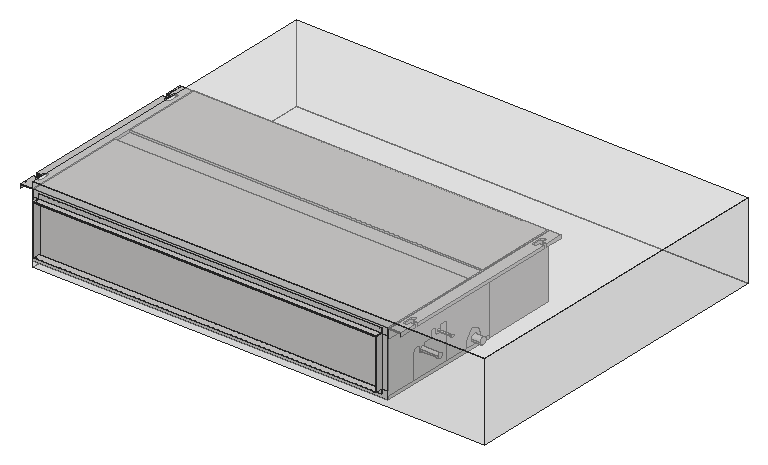
Revit family "outputfile", category 機械設備, Revit 2024
Family settings
  丸型コネクタ寸法 = 半径を使用
  パーツ タイプ = 標準
  OmniClass 番号 = 23.75.10.24.21.27.27
  OmniClass タイトル = Split System Air Conditioning Units
  作業面ベース = いいえ
  常に垂直 = はい
  ロード時にボイドで切り取り = いいえ
  注釈の向きを維持 = いいえ
  共有 = いいえ
  部屋計算ポイント = はい
Parameters (values of type "CDKS60CVMA")
  Description = ""
  書き出し IFC クラス(タイプ) = "IfcUnitaryEquipmentType"
  定義済み IFC タイプ(タイプ) = "AIRCONDITIONINGUNIT"
  Cost = 0
  Type Comments = ""
  Keynote = ""
  Type Image = (empty or 0)
  Assembly Code = ""
  switch_frequency = yes
  ld_powersupply = Depth / 2  # 310.0 mm
  製造元 = "Daikin"
  モデル = "CDKS60CVMA"
  r_Liquid Pipe Size = Liquid Pipe Size / 2  # 3.2 mm
  r_Gas Pipe Size = Gas Pipe Size / 2  # 6.35 mm
  r_Drain Pipe Size = Drain Pipe Size / 2  # 10.0 mm
  lw_powersupply = 50.0 mm  # constant formula
  lw_ductflange2 = 1020.0 mm
  lw_Width = 1060.0 mm
  lh_suctionflange [instance] = 100.0 mm  # constant formula
  ld_suctionflange [instance] = if(Rear Connection_Return Air, 190.0 mm, 100.0 mm)  # 190.0 mm
  connector_voltage = Voltage_50Hz  # 230 V
  connector_powerinput = [Power Input (Cooling)]  # 0.000 kW
  connector_phase = Phase_50Hz  # 1
  angle_vertical_RA [instance] = if(Rear Connection_Return Air, 90.00°, 0.00°)  # 90.00°
  angle horizontal_RA [instance] = if(Rear Connection_Return Air, 180.00°, 270.00°)  # 180.00°
  Voltage_comment_50Hz = "220 - 240"
  Voltage_50Hz = 230 V
  URL = ""
  Supply Air Direction [instance] = yes
  Sound Power Level_H speed (dB) = 0
  Rear Connection_Return Air [instance] = not(Bottom Connection_Return Air)  # yes
  RA_length [instance] = if(Rear Connection_Return Air, 190.0 mm, 100.0 mm)  # 190.0 mm
  Phase_50Hz = 1
  Minimum External Static Pressure = 0.00 Pa
  Minimum Circuit Amps_50Hz = 0.0 A
  Maximum Fuse Amps_50Hz = 0.0 A
  Maximum External Static Pressure = 40.00 Pa
  Material_Casing = DAIKIN_GalvanizedSteel_Casing_indoorunit
  lw_liquidpipe = 46.0 mm  # constant formula
  lw_gaspipe = 57.0 mm  # constant formula
  lw_mountinghole = 1140.0 mm
  lw_drainpipe = 30.0 mm  # constant formula
  lh_powersupply = 150.0 mm  # constant formula
  lh_liquidpipe = 90.0 mm  # constant formula
  lh_gaspipe = 113.0 mm  # constant formula
  lh_mountinghole = Height  # 200.0 mm
  lh_drainpipe = 170.0 mm  # constant formula
  lh_antena = 1.0 mm  # constant formula
  ld_liquidpipe = 193.0 mm  # constant formula
  ld_gaspipe = 130.0 mm  # constant formula
  ld_mountinghole = 500.0 mm  # constant formula
  ld_drainpipe = 330.0 mm  # constant formula
  ld_controlbox = 626.0 mm  # constant formula
  h*** = 0.0 mm  # constant formula
  d_dischargeflange = 21.2 mm  # constant formula
  Width = 1100.0 mm
  Version = "ver.1.0"
  Unit Type = "Duct (L.S.P)"
  Unit Mass Weight = 30.00 kg
  Unit Designation [instance] = ""
  Uniclass2015Version = "Products v1.30"
  Uniclass2015Title = "Split coil room air conditioning units"
  Uniclass2015Code = "Pr_70_65_03_86"
  Total Cooling Capacity [instance] = 0.000 kW
  Sound Pressure Level_M speed (dBA) = 36
  Sound Pressure Level_L speed (dBA) = 34
  Sound Pressure Level_H speed (dBA) = 38
  Series = "Multi Split_Fan Coil Unit"
  Sensible Cooling Capacity [instance] = 0.000 kW
  SA Duct Size Width = 1060.0 mm
  SA Duct Size Height = 153.0 mm
  Refrigerant Type = "R410A"
  RA Duct Size Width = 980.0 mm
  RA Duct Size Height = 160.0 mm
  Power Input (Cooling) = 0.000 kW
  Option Accessory 3 [instance] = ""
  Option Accessory 2 [instance] = ""
  Option Accessory 1 [instance] = ""
  Nominal Cooling Capacity = 6.000 kW
  Minimum Airflow = 810.00 m³/h
  Median Airflow = 888.00 m³/h
  Maximum Airflow = 960.00 m³/h
  Load Classification = HVAC
  Liquid Pipe Size = 6.4 mm
  Link_Nested Family [instance] = ""
  IfcVersion = ""
  IfcExportType = "AIRCONDITIONINGUNIT"
  IfcExportAs = "IfcUnitaryEquipmentType"
  Height = 200.0 mm
  Heat Exchanger Type = "Cross Fin Coil"
  Gas Pipe Size = 12.7 mm
  Frequency_50Hz = 50 Hz
  Fan Type = "Sirocco Fan"
  Fan Drive = "Direct Drive"
  FCU Tag No. [instance] = ""
  Drain Pipe Size = 20.0 mm
  Design Supply Airflow [instance] = 0.00 m³/h
  Design Return Airflow [instance] = 0.00 m³/h
  Design External Static Pressure [instance] = 0.00 Pa
  Depth = 620.0 mm
  既定の高さ = 0.0 mm
  Cooling Entering Wet Bulb Temperature [instance] = 0.00 °C
  Cooling Entering Dry Bulb Temperature [instance] = 0.00 °C
  Cooling Ambient Wet Bulb Temperature [instance] = 0.00 °C
  Cooling Ambient Dry Bulb Temperature [instance] = 0.00 °C
  Clearance visibility [instance] = yes
  Clearance Top = 20.0 mm
  Clearance Right = 300.0 mm
  Clearance Rear = 400.0 mm
  Clearance Left = 0.0 mm
  Clearance Front = 0.0 mm
  Clearance Bottom = 20.0 mm
  Bottom Connection_Return Air [instance] = no
Reference planes
  plane 1 "Center (Front/Back)": y = 0
  plane 2: z = 0
  plane 3 "Center (Left/Right)": x = 0
  plane 4 "Back": y = 310
  plane 5 "Front": y = -310
  plane 6 "Left": x = -550
  plane 7 "Right": x = 550
  plane 8 "Top": z = 0
  plane 9 "Bottom": z = -200
  plane 10: x = -570
  plane 11: x = 570
  plane 12: y = 250
  plane 13: z = 0
  plane 14 "Clearance Left": x = -550
  plane 15 "Clearance Right": x = 850
  plane 16 "Clearance Rear": y = 710
  plane 17 "Clearance Front": y = -310
  plane 18 "Clearance Top": z = 20
  plane 19 "Clearance Bottom": z = -220
  plane 20: y = -250
  plane 21: z = -21
  plane 22: z = -97.5
  plane 23: x = -40
  plane 24: y = 120
  plane 25: z = -100
  plane 26: y = -180
  plane 27: z = -113
  plane 28: y = -117
  plane 29: z = -90
  plane 30: y = 20
  plane 31: z = -170
  plane 32: x = 607
  plane 33: x = 596
  plane 34: x = 580
  plane 35: x = 500
  plane 36: z = -150
Forms (mm)
  Extrusion 1, solid, material "DAIKIN_GalvanizedSteel_Casing_indoorunit" <- "Material_Casing"
    sketch origin (0, 0, 0) x (1, 0, 0) y (0, 1, 0)
      loop
        line (-550, -310) -> (550, -310) -> (550, 310) -> (-550, 310) -> (-550, -310)
    from -200 to 0
  Extrusion 2, void
    sketch origin (0, 0, 1) x (1, 0, 0) y (0, 1, 0)
      loop
        line (-550, 61.5) -> (-550, 3.5) -> (550, 3.5) -> (550, 61.5) -> (-550, 61.5)
    from -1 to -7
  Extrusion 3, solid, material "DAIKIN_GalvanizedSteel_Casing_indoorunit" <- "Material_Casing", visible <- "Bottom Connection_Return Air"
    sketch origin (0, 0, 0) x (1, 0, 0) y (0, 0, 1)
      loop
        line (469, -200) -> (469, -1) -> (-549, -1) -> (-549, -200) -> (469, -200)
    from -310 to -309
  Extrusion 4, solid, material "DAIKIN_GalvanizedSteel_Casing_indoorunit" <- "Material_Casing", visible <- "Rear Connection_Return Air"
    sketch origin (0, 0, 0) x (1, 0, 0) y (0, 1, 0)
      loop
        line (-549, 310) -> (-549, 111) -> (469, 111) -> (469, 310) -> (-549, 310)
    from -200 to -199
  Extrusion 5, solid, material "DAIKIN_GalvanizedSteel_Casing_indoorunit" <- "Material_Casing"
    sketch origin (550, 0, 0) x (0, 1, 0) y (0, 0, 1)
      loop
        circle (-180, -113) r 6.35
    from 0 to 57
  Extrusion 6, solid, material "DAIKIN_GalvanizedSteel_Casing_indoorunit" <- "Material_Casing"
    sketch origin (550, 0, 0) x (0, 1, 0) y (0, 0, 1)
      loop
        circle (-117, -90) r 3.2
    from 0 to 46
  Extrusion 7, solid, material "DAIKIN_GalvanizedSteel_Casing_indoorunit" <- "Material_Casing"
    sketch origin (550, 0, 0) x (0, 1, 0) y (0, 0, 1)
      loop
        circle (20, -170) r 10
    from 0 to 30
  Extrusion 8, solid, material "DAIKIN_GalvanizedSteel_Casing_indoorunit" <- "Material_Casing"
    sketch origin (550, 0, 0) x (0, 1, 0) y (0, 0, 1)
      loop
        line (-310, -200) -> (78.6, -200) -> (78.6, -193)
        arc (78.6, -193) -> (77.721, -190.879) -> (75.6, -190) r 3
        line (75.6, -190) -> (-310, -190) -> (-310, -200)
    from 0 to -1
  Extrusion 9, solid, material "DAIKIN_GalvanizedSteel_Casing_indoorunit" <- "Material_Casing"
    sketch origin (550, 0, 0) x (0, 1, 0) y (0, 0, 1)
      loop
        line (-210, -190) -> (-85.6, -190) -> (-85.6, -83)
        arc (-85.6, -83) -> (-86.479, -80.879) -> (-88.6, -80) r 3
        line (-88.6, -80) -> (-102, -80)
        arc (-102, -80) -> (-104.121, -80.879) -> (-105, -83) r 3
        line (-105, -83) -> (-105, -90)
        arc (-105, -90) -> (-117, -102) -> (-129, -90) r 12
        line (-129, -90) -> (-129, -83)
        arc (-129, -83) -> (-129.879, -80.879) -> (-132, -80) r 3
        line (-132, -80) -> (-136.1, -80)
        arc (-136.1, -80) -> (-138.221, -80.879) -> (-139.1, -83) r 3
        line (-139.1, -83) -> (-139.1, -102.7) -> (-165, -102.7)
        arc (-165, -102.7) -> (-167.121, -103.579) -> (-168, -105.7) r 3
        line (-168, -105.7) -> (-168, -113)
        arc (-168, -113) -> (-180, -125) -> (-192, -113) r 12
        line (-192, -113) -> (-192, -105.7)
        arc (-192, -105.7) -> (-192.879, -103.579) -> (-195, -102.7) r 3
        line (-195, -102.7) -> (-207, -102.7)
        arc (-207, -102.7) -> (-209.121, -103.579) -> (-210, -105.7) r 3
        line (-210, -105.7) -> (-210, -190)
    from 0 to -1
  Extrusion 10, solid, material "DAIKIN_GalvanizedSteel_Casing_indoorunit" <- "Material_Casing"
    sketch origin (550, 0, 0) x (0, 1, 0) y (0, 0, 1)
      loop
        arc (44.5, -170) -> (20, -145.5) -> (-4.5, -170) r 24.5
        line (-4.5, -170) -> (-4.5, -190) -> (44.5, -190) -> (44.5, -170)
    from 0 to -1
  Extrusion 11, solid, material "DAIKIN_GalvanizedSteel_Casing_indoorunit" <- "Material_Casing"
    sketch origin (550, 0, 0) x (0, 1, 0) y (0, 0, 1)
      loop
        arc (86.6, -22) -> (84.479, -22.879) -> (83.6, -25) r 3
        line (83.6, -25) -> (83.6, -194.5)
        arc (83.6, -194.5) -> (84.479, -196.621) -> (86.6, -197.5) r 3
        line (86.6, -197.5) -> (307, -197.5)
        arc (307, -197.5) -> (309.121, -196.621) -> (310, -194.5) r 3
        line (310, -194.5) -> (310, -25)
        arc (310, -25) -> (309.121, -22.879) -> (307, -22) r 3
        line (307, -22) -> (86.6, -22)
    from 0 to -1
Cuts and joins
  Extrusion 2 cuts Extrusion 1
Dimensions and locks
  "Height": plane 8 "Top" to plane 9 "Bottom"
  equal spacing: plane 10, plane 3 "Center (Left/Right)", plane 11
  "lw_mountinghole": plane 10 to plane 11
  equal spacing: plane 6 "Left", plane 3 "Center (Left/Right)", plane 7 "Right"
  "Width": plane 6 "Left" to plane 7 "Right"
  "Clearance Right": plane 7 "Right" to plane 15 "Clearance Right"
  "Clearance Left": plane 14 "Clearance Left" to plane 6 "Left"
  "Clearance Rear": plane 16 "Clearance Rear" to plane 4 "Back"
  "Clearance Front": plane 5 "Front" to plane 17 "Clearance Front"
  "Clearance Top": plane 18 "Clearance Top" to plane 8 "Top"
  "Clearance Bottom": plane 9 "Bottom" to plane 19 "Clearance Bottom"
  "Depth": plane 4 "Back" to plane 5 "Front"
  equal spacing: plane 4 "Back", plane 1 "Center (Front/Back)", plane 5 "Front"
  Extrusion 3 sketch curve to Extrusion 3 sketch curve = 199.0 mm
  locked: plane 20 to plane 5 "Front" at 60
  "ld_mountinghole": plane 12 to plane 20
  locked: plane 8 "Top" to plane 21 at 21
  locked: plane 23 to plane 3 "Center (Left/Right)" at 40
  "ld_suctionflange": plane 4 "Back" to plane 24
  "lh_suctionflange": plane 8 "Top" to plane 25
  "ld_gaspipe": plane 26 to plane 5 "Front"
  "lh_gaspipe": plane 8 "Top" to plane 27
  "ld_liquidpipe": plane 28 to plane 5 "Front"
  "lh_liquidpipe": plane 8 "Top" to plane 29
  "ld_drainpipe": plane 30 to plane 5 "Front"
  "lh_drainpipe": plane 8 "Top" to plane 31
  "lw_gaspipe": plane 7 "Right" to plane 32
  "lw_liquidpipe": plane 7 "Right" to plane 33
  "lw_drainpipe": plane 7 "Right" to plane 34
  "lw_powersupply": plane 35 to plane 7 "Right"
  "lh_powersupply": plane 8 "Top" to plane 36
  "r_Gas Pipe Size": radius of Extrusion 5 sketch curve
  "r_Liquid Pipe Size": radius of Extrusion 6 sketch curve
  "r_Drain Pipe Size": radius of Extrusion 7 sketch curve
  aligned and locked: level to plane 2
  aligned and locked: Extrusion 1 to plane 9 "Bottom"
  aligned and locked: plane 8 "Top" to Extrusion 1
  aligned and locked: plane 11 to nested 2
  aligned and locked: plane 10 to nested 3
  aligned and locked: plane 10 to nested 4
  aligned and locked: plane 8 "Top" to Extrusion 2
  aligned and locked: plane 9 "Bottom" to Extrusion 4  (x2)
  aligned and locked: plane 7 "Right" to cut or joined group of Extrusion 1, Extrusion 2  (x2)
  aligned and locked: plane 3 "Center (Left/Right)" to nested 9
  aligned and locked: plane 6 "Left" to nested 7
  aligned and locked: plane 8 "Top" to nested 9
  aligned and locked: plane 11 to nested 1
  aligned and locked: nested 6 to plane 1 "Center (Front/Back)"
  aligned and locked: plane 3 "Center (Left/Right)" to nested 6
  aligned and locked: level to plane 8 "Top"
  aligned and locked: plane 1 "Center (Front/Back)" to nested 9
  aligned and locked: plane 5 "Front" to nested 10
  aligned and locked: Extrusion 1 sketch curve to plane 5 "Front"
  aligned and locked: plane 21 to nested 10
  aligned and locked: nested 5 to plane 5 "Front"
  aligned and locked: plane 3 "Center (Left/Right)" to nested 5
  aligned and locked: plane 22 to nested 5
  aligned and locked: Extrusion 2 sketch curve to plane 6 "Left"
  aligned and locked: plane 7 "Right" to Extrusion 2 sketch curve
  aligned and locked: nested 11 to plane 23
  aligned and locked: nested 11 to plane 24
  aligned and locked: plane 27 to Extrusion 5 sketch curve
  aligned and locked: plane 26 to Extrusion 5 sketch curve
  aligned and locked: plane 28 to Extrusion 6 sketch curve
  aligned and locked: plane 29 to Extrusion 6 sketch curve
  aligned and locked: plane 31 to Extrusion 7 sketch curve
  aligned and locked: plane 30 to Extrusion 7 sketch curve
  aligned and locked: plane 26 to nested 12
  aligned and locked: nested 12 to plane 27
  aligned and locked: plane 32 to Extrusion 5
  aligned and locked: plane 32 to nested 12
  aligned and locked: plane 33 to Extrusion 6
  aligned and locked: plane 28 to nested 13
  aligned and locked: nested 13 to plane 29
  aligned and locked: plane 33 to nested 13
  aligned and locked: plane 34 to Extrusion 7
  aligned and locked: plane 30 to nested 14
  aligned and locked: nested 14 to plane 31
  aligned and locked: plane 34 to nested 14
  aligned and locked: Extrusion 8 sketch curve to plane 9 "Bottom"
  aligned and locked: Extrusion 8 sketch curve to plane 5 "Front"
  aligned and locked: plane 14 "Clearance Left" to nested 15
  aligned and locked: plane 15 "Clearance Right" to nested 15
  aligned and locked: plane 16 "Clearance Rear" to nested 15
  aligned and locked: nested 15 to plane 17 "Clearance Front"
  aligned and locked: nested 15 to plane 18 "Clearance Top"
  aligned and locked: nested 15 to plane 19 "Clearance Bottom"
  aligned and locked: nested 16 to plane 35
  aligned and locked: nested 16 to plane 36
  aligned and locked: plane 4 "Back" to nested 16
Automatic sketch dimensions
  Extrusion 1 sketch curve to plane 4 "Back" = 0.0 mm
  Extrusion 1 sketch curve to plane 6 "Left" = 0.0 mm
  Extrusion 1 sketch curve to plane 7 "Right" = 0.0 mm
  Extrusion 4 sketch curve to plane 4 "Back" = 0.0 mm
  plane 6 "Left" to Extrusion 3 sketch curve = 1.0 mm
  plane 6 "Left" to Extrusion 4 sketch curve = 1.0 mm
  Extrusion 4 sketch curve to plane 1 "Center (Front/Back)" = 111.0 mm
  Extrusion 3 sketch curve to plane 9 "Bottom" = 0.0 mm
  Extrusion 3 sketch curve to plane 7 "Right" = 81.0 mm
  Extrusion 4 sketch curve to plane 7 "Right" = 81.0 mm
  Extrusion 2 sketch curve to plane 1 "Center (Front/Back)" = 3.5 mm
  Extrusion 2 sketch curve to Extrusion 2 sketch curve = 58.0 mm
  plane 9 "Bottom" to Extrusion 8 sketch curve = 7.0 mm
  Extrusion 8 sketch curve to plane 24 = 44.4 mm
  Extrusion 8 sketch curve to Extrusion 8 sketch curve = 3.0 mm
  Extrusion 9 sketch curve to plane 27 = 0.0 mm
  Extrusion 9 sketch curve to plane 26 = 0.0 mm
  Extrusion 9 sketch curve to plane 29 = 0.0 mm
  Extrusion 9 sketch curve to plane 28 = 0.0 mm
  Extrusion 9 sketch curve to plane 26 = 12.0 mm
  Extrusion 9 sketch curve to plane 25 = 2.7 mm  (x2)
  Extrusion 9 sketch curve to Extrusion 9 sketch curve = 3.0 mm  (x6)
  Extrusion 9 sketch curve to Extrusion 9 sketch curve = 12.0 mm
  plane 9 "Bottom" to Extrusion 9 sketch curve = 10.0 mm
  Extrusion 9 sketch curve to plane 26 = 30.0 mm
  Extrusion 9 sketch curve to plane 28 = 22.1 mm
  Extrusion 9 sketch curve to Extrusion 9 sketch curve = 4.1 mm
  plane 29 to Extrusion 9 sketch curve = 7.0 mm  (x2)
  Extrusion 9 sketch curve to Extrusion 9 sketch curve = 13.4 mm
  Extrusion 10 sketch curve to plane 30 = 0.0 mm
  Extrusion 10 sketch curve to plane 31 = 0.0 mm
  plane 1 "Center (Front/Back)" to Extrusion 10 sketch curve = 4.5 mm
  plane 9 "Bottom" to Extrusion 10 sketch curve = 10.0 mm
  Extrusion 11 sketch curve to plane 4 "Back" = 0.0 mm
  Extrusion 11 sketch curve to Extrusion 11 sketch curve = 3.0 mm  (x3)
  Extrusion 11 sketch curve to plane 21 = 1.0 mm
  Extrusion 11 sketch curve to plane 21 = 4.0 mm
  Extrusion 11 sketch curve to plane 24 = 33.4 mm
  plane 9 "Bottom" to Extrusion 11 sketch curve = 5.5 mm
Nested families
  nested 1: "daikin_mountinghole" at (570, 250, -200), l_antenna <- "lh_antena", Link_Nested Family <- "Link_Nested Family", h_mountinghole <- "lh_mountinghole", type "daikin_mountinghole"
    with show yes, l_antenna 1.0 mm, h_mountinghole 200.0 mm, Link_Nested Family ""
  nested 2: "daikin_mountinghole" at (570, -250, -200), Link_Nested Family <- "Link_Nested Family", l_antenna <- "lh_antena", h_mountinghole <- "lh_mountinghole", type "daikin_mountinghole"
    with show yes, l_antenna 1.0 mm, h_mountinghole 200.0 mm, Link_Nested Family ""
  nested 3: "daikin_mountinghole" at (-570, -250, -200), l_antenna <- "lh_antena", Link_Nested Family <- "Link_Nested Family", h_mountinghole <- "lh_mountinghole", type "daikin_mountinghole"
    with show yes, l_antenna 1.0 mm, h_mountinghole 200.0 mm, Link_Nested Family ""
  nested 4: "daikin_mountinghole" at (-570, 250, -200), l_antenna <- "lh_antena", Link_Nested Family <- "Link_Nested Family", h_mountinghole <- "lh_mountinghole", type "daikin_mountinghole"
    with show yes, l_antenna 1.0 mm, h_mountinghole 200.0 mm, Link_Nested Family ""
  nested 5: "daikin_connector_rotate2" at (0, -310, -97.5), length <- "d_dischargeflange", type "daikin_connector_rotate2"
    with radius 10.0 mm, length 21.2 mm, angle_vertical 90.00°, show_face no
  nested 6: "daikin_△_symbolicline" at (-75, -129.904, 200) x (-0.5, 0.866, 0) z (0, 0, 1), built-in parameter 1001364 <- "Height", visible <- "Supply Air Direction", type "daikin_△_symbolicline"
    with length 300.0 mm
  nested 7: "daikin_ductflange_CDKS-CVMA1" at (-40, 310, -100), visible <- "Rear Connection_Return Air", material <- "Material_Casing", width <- "lw_ductflange2", type "daikin_ductflange_CDKS-CVMA1"
    with width 1020.0 mm, material DAIKIN_GalvanizedSteel_Casing_indoorunit, height 180.0 mm, depth 21.2 mm
  nested 8: "daikin_ductflange_CDKS-CVMA1" at (-40, 210, -200) x (1, 0, 0) z (0, 1, 0), visible <- "Bottom Connection_Return Air", material <- "Material_Casing", width <- "lw_ductflange2", type "daikin_ductflange_CDKS-CVMA1"
    with width 1020.0 mm, material DAIKIN_GalvanizedSteel_Casing_indoorunit, height 180.0 mm, depth 21.2 mm
  nested 9: "daikin_hangerfixture_CDKS-CVMA" at (0, 0, 0), type "daikin_hangerfixture_CDKS-CVMA"
    with width 1100.0 mm
  nested 10: "daikin_ductflange_CDKS-CVMA" at (0, 3.5, -364.201), width <- "lw_Width", material <- "Material_Casing", type "daikin_ductflange_CDKS-CVMA"
    with width 1060.0 mm, material DAIKIN_GalvanizedSteel_Casing_indoorunit, height 155.0 mm, depth 21.2 mm
  nested 11: "daikin_connector_rotate3" at (-40, 120, -100), length <- "RA_length", angle_vertical <- "angle_vertical_RA", angle_horizontal <- "angle horizontal_RA", type "daikin_connector_rotate3"
    with show no, radius 10.0 mm, length 190.0 mm, angle_vertical 90.00°, angle_horizontal 180.00°
  nested 12: "daikin_connector_rotate2" at (550, -180, -113) x (0, 1, 0) z (0, 0, 1), length <- "lw_gaspipe", radius <- "r_Gas Pipe Size", type "daikin_connector_rotate2"
    with radius 6.35 mm, length 57.0 mm, angle_vertical 90.00°, show_face no
  nested 13: "daikin_connector_rotate2" at (550, -117, -90) x (0, 1, 0) z (0, 0, 1), radius <- "r_Liquid Pipe Size", length <- "lw_liquidpipe", type "daikin_connector_rotate2"
    with radius 3.2 mm, length 46.0 mm, angle_vertical 90.00°, show_face no
  nested 14: "daikin_connector_rotate2" at (550, 20, -170) x (0, 1, 0) z (0, 0, 1), radius <- "r_Drain Pipe Size", length <- "lw_drainpipe", type "daikin_connector_rotate2"
    with radius 10.0 mm, length 30.0 mm, angle_vertical 90.00°, show_face no
  nested 15: "daikin_clearancespace" at (150, 200, -99.881), visible <- "Clearance visibility", Link_Nested Family <- "Link_Nested Family", show <- "Clearance visibility", type "daikin_clearancespace"
    with width 1400.0 mm, show yes, height 240.0 mm, depth 1020.0 mm, Link_Nested Family ""
  nested 16: "daikin_connector_rotate2" at (500, 0, -150) x (-1, 0, 0) z (0, 0, 1), length <- "ld_powersupply", type "daikin_connector_rotate2"
    with radius 10.0 mm, length 310.0 mm, angle_vertical 90.00°, show_face no
Connectors
  hvac at (0, -331.2, -97.5), driven by "SA Duct Size Height", driven by "SA Duct Size Width"
    settings: on nested 5, index 1, duct flow 0.00 m³/h, flow factor 0, pres drop 0.00 Pa, loss coef 0, conn angle 0.00°, conn width 1060.0 mm, conn height 153.0 mm, conn diameter 609.6 mm, duct sys type 1, conn prof type 1, flow config 0, flow direction 2, loss method 4, conn ref index -1, conn util no, is conn primary yes, conn desc "SA Duct"
  hvac at (-40, 310, -100), driven by "RA Duct Size Height", driven by "RA Duct Size Width"
    settings: on nested 11, index 2, duct flow 0.00 m³/h, flow factor 0, pres drop 0.00 Pa, loss coef 0, conn angle 0.00°, conn width 980.0 mm, conn height 160.0 mm, conn diameter 609.6 mm, duct sys type 2, conn prof type 1, flow config 0, flow direction 1, loss method 4, conn ref index -1, conn util no, is conn primary no, conn desc "RA Duct"
  piping at (607, -180, -113), diameter 12.7, driven by "r_Gas Pipe Size"
    settings: on nested 12, index 3, connector inside diameter 609.6 mm, connector length 0.0 mm, flow factor 0, pipe flow 0.00 m³/h, pressure drop 0.0 Pa, fitting loss kfactor 0, connector angle 0.00°, fixture units 0, engagement length 0.0 mm, angle of deflection 0.00°, flow configuration 1, flow direction 2, fitting loss method 0, system type 29, joint type 0, gender type 0, connector reference index -1, connector utility 0, adjustable connector no, is connector primary yes, connector description "Refrigerant Gas Piping"
  piping at (596, -117, -90), diameter 6.4, driven by "r_Liquid Pipe Size"
    settings: on nested 13, index 4, connector inside diameter 609.6 mm, connector length 0.0 mm, flow factor 0, pipe flow 0.00 m³/h, pressure drop 0.0 Pa, fitting loss kfactor 0, connector angle 0.00°, fixture units 0, engagement length 0.0 mm, angle of deflection 0.00°, flow configuration 1, flow direction 1, fitting loss method 0, system type 29, joint type 0, gender type 0, connector reference index -1, connector utility 0, adjustable connector no, is connector primary no, connector description "Refrigerant Liquid Piping"
  piping at (580, 20, -170), diameter 20, driven by "r_Drain Pipe Size"
    settings: on nested 14, index 5, connector inside diameter 609.6 mm, connector length 0.0 mm, flow factor 0, pipe flow 0.00 m³/h, pressure drop 0.0 Pa, fitting loss kfactor 0, connector angle 0.00°, fixture units 0, engagement length 0.0 mm, angle of deflection 0.00°, flow configuration 1, flow direction 2, fitting loss method 4, system type 16, joint type 0, gender type 0, connector reference index -1, connector utility 0, adjustable connector no, is connector primary no, connector description "Condensate Drain Piping"
  electrical at (500, 310, -150), driven by "Load Classification", driven by "connector_powerinput", driven by "connector_phase", driven by "connector_voltage"
    settings: on nested 16, index 6, voltage 230 V, apparent load 0 VA, apparent load phase1 0 VA, apparent load phase2 0 VA, apparent load phase3 0 VA, power factor 1, load classification "HVAC", number of poles 1, system type 30, power factor state 1, is connector primary yes, connector utility no, sub classification motor no, connector description "Power Supply"
Definition of nested family "daikin_ductflange_CDKS-CVMA1"
  Parameters (values of type "daikin_ductflange_CDKS-CVMA1")
    width [instance] = 620.0 mm
    material [instance] = none
    height [instance] = 180.0 mm
    depth [instance] = 21.2 mm
    Default Elevation = 0.0 mm
  Reference planes
    plane 1 "Center (Front/Back)": y = 0
    plane 2: z = 0
    plane 3 "Center (Left/Right)": x = 0
    plane 4: x = -310
    plane 5: x = 310
    plane 6: z = 90
    plane 7: z = -90
    plane 8: z = 100
    plane 9: z = -100
    plane 10: x = -309
    plane 11: x = 309
  Forms (mm)
    Extrusion 1, solid, material <- "material"
      sketch origin (0, 0, 0) x (1, 0, 0) y (0, 0, 1)
        loop
          line (-290, 80) -> (-290, -80) -> (290, -80) -> (290, 80) -> (-290, 80)
        loop
          line (-309, -99) -> (309, -99) -> (309, 99) -> (-309, 99) -> (-309, -99)
      from 0 to 1
  Dimensions and locks
    equal spacing: plane 5, plane 3 "Center (Left/Right)", plane 4, locked at 310 each
    "width": plane 5 to plane 4
    equal spacing: plane 6, level, plane 7, locked at 90 each
    "height": plane 6 to plane 7
    equal spacing: plane 8, level, plane 9, locked at 100 each
    locked: plane 8 to plane 9 at 200
    plane 10 to plane 4 = 1.0 mm
    locked: plane 5 to plane 11 at 1
    locked: Extrusion 1 sketch curve to Extrusion 1 sketch curve at 19  (x4)
    locked: plane 8 to Extrusion 1 sketch curve at 1
    locked: Extrusion 1 sketch curve to plane 9 at 1
    aligned and locked: level to plane 2
  Automatic sketch dimensions
    plane 4 to Extrusion 1 sketch curve = 1.0 mm
    Extrusion 1 sketch curve to plane 5 = 1.0 mm
Definition of nested family "daikin_hangerfixture_CDKS-CVMA"
  Parameters (values of type "daikin_hangerfixture_CDKS-EAVMA")
    width = 700.0 mm
    material = none
    height = 30.0 mm
    depth = 618.0 mm
    Default Elevation = 0.0 mm
  Reference planes
    plane 1 "Center (Front/Back)": y = 0
    plane 2: z = 0
    plane 3 "Center (Left/Right)": x = 0
    plane 4: x = 350
    plane 5: y = 309
    plane 6: y = -309
    plane 7: x = -350
    plane 8: z = -30
  Forms (mm)
    Extrusion 1, solid, material <- "material"
      sketch origin (0, 0, 0) x (1, 0, 0) y (0, 0, 1)
        loop
          line (350, 0) -> (350, -30) -> (352.3, -30) -> (352.3, -2.3) -> (387.7, -2.3) -> (387.7, -10) -> (390, -10) -> (390, 0) -> (350, 0)
      from -309 to 309
    Extrusion 2, void
      sketch origin (0, 0, 0) x (0, 1, 0) y (0, 0, 1)
        loop
          line (309, -30) -> (309, -17.979) -> (87.935, -17.979) -> (75.914, -30) -> (309, -30)
      from 0 to 450
    Extrusion 3, void
      sketch origin (0, 0, 0) x (1, 0, 0) y (0, 1, 0)
        loop
          line (390, -243.5) -> (377, -243.5) -> (377, -237)
          arc (377, -237) -> (370, -230) -> (363, -237) r 7
          line (363, -237) -> (363, -263)
          arc (363, -263) -> (370, -270) -> (377, -263) r 7
          line (377, -263) -> (377, -256.5) -> (390, -256.5) -> (390, -243.5)
        loop
          line (390, 243.5) -> (390, 256.5) -> (377, 256.5) -> (377, 263)
          arc (377, 263) -> (370, 270) -> (363, 263) r 7
          line (363, 263) -> (363, 237)
          arc (363, 237) -> (370, 230) -> (377, 237) r 7
          line (377, 237) -> (377, 243.5) -> (390, 243.5)
      from -254.96 to 618
    Extrusion 4, solid, material <- "material"
      sketch origin (0, 0, 0) x (-1, 0, 0) y (0, 0, -1)
        loop
          line (350, 0) -> (390, 0) -> (390, 10) -> (387.7, 10) -> (387.7, 2.3) -> (352.3, 2.3) -> (352.3, 30) -> (350, 30) -> (350, 0)
      from -309 to 309
    Extrusion 5, void
      sketch origin (0, 0, 0) x (-1, 0, 0) y (0, -1, 0)
        loop
          line (390, 243.5) -> (390, 256.5) -> (377, 256.5) -> (377, 263)
          arc (377, 263) -> (370, 270) -> (363, 263) r 7
          line (363, 263) -> (363, 237)
          arc (363, 237) -> (370, 230) -> (377, 237) r 7
          line (377, 237) -> (377, 243.5) -> (390, 243.5)
        loop
          line (390, -243.5) -> (377, -243.5) -> (377, -237)
          arc (377, -237) -> (370, -230) -> (363, -237) r 7
          line (363, -237) -> (363, -263)
          arc (363, -263) -> (370, -270) -> (377, -263) r 7
          line (377, -263) -> (377, -256.5) -> (390, -256.5) -> (390, -243.5)
      from -254.96 to 618
  Cuts and joins
    Extrusion 2, Extrusion 3, Extrusion 5 cuts Extrusion 1
    Extrusion 5 cuts Extrusion 4
  Dimensions and locks
    equal spacing: plane 5, plane 1 "Center (Front/Back)", plane 6
    "depth": plane 5 to plane 6
    plane 6 to plane 1 "Center (Front/Back)" to plane 5 = 309.0 mm, 309.0 mm
    equal spacing: plane 4, plane 3 "Center (Left/Right)", plane 7
    "width": plane 4 to plane 7
    "height": level to plane 8
    aligned and locked: level to plane 2
    aligned and locked: plane 5 to Extrusion 1
    aligned and locked: Extrusion 1 to plane 6
    aligned and locked: Extrusion 1 to plane 4
    aligned and locked: plane 5 to cut or joined group of Extrusion 1, Extrusion 2, Extrusion 3, Extrusion 5
    aligned and locked: cut or joined group of Extrusion 1, Extrusion 2, Extrusion 3, Extrusion 5 to plane 6
    aligned and locked: level to cut or joined group of Extrusion 1, Extrusion 2, Extrusion 3, Extrusion 5
    aligned and locked: cut or joined group of Extrusion 1, Extrusion 2, Extrusion 3, Extrusion 5 to plane 8
    aligned and locked: plane 5 to cut or joined group of Extrusion 4, Extrusion 5
    aligned and locked: cut or joined group of Extrusion 4, Extrusion 5 to plane 6
  Automatic sketch dimensions
    Extrusion 1 sketch curve to plane 4 = 0.0 mm
    Extrusion 1 sketch curve to plane 8 = 0.0 mm
    Extrusion 1 sketch curve to level = 0.0 mm
    plane 4 to Extrusion 1 sketch curve = 2.3 mm
    Extrusion 1 sketch curve to level = 2.3 mm
    Extrusion 1 sketch curve to Extrusion 1 sketch curve = 35.4 mm
    Extrusion 1 sketch curve to Extrusion 1 sketch curve = 2.3 mm
    Extrusion 1 sketch curve to Extrusion 1 sketch curve = 7.7 mm
    Extrusion 2 sketch curve to plane 8 = 0.0 mm
    Extrusion 2 sketch curve to plane 5 = 0.0 mm
    plane 8 to Extrusion 2 sketch curve = 12.021 mm
    Extrusion 2 sketch curve to plane 1 "Center (Front/Back)" = 87.935 mm
    Extrusion 2 sketch curve to Extrusion 2 sketch curve = 12.021 mm
    plane 4 to Extrusion 3 sketch curve = 13.0 mm  (x2)
    Extrusion 3 sketch curve to Extrusion 3 sketch curve = 7.0 mm  (x4)
    Extrusion 3 sketch curve to Extrusion 3 sketch curve = 13.0 mm  (x4)
    plane 6 to Extrusion 3 sketch curve = 46.0 mm
    Extrusion 3 sketch curve to Extrusion 3 sketch curve = 6.5 mm  (x4)
    Extrusion 3 sketch curve to plane 5 = 72.0 mm
    Extrusion 4 sketch curve to plane 7 = 0.0 mm
    Extrusion 4 sketch curve to plane 8 = 0.0 mm
    Extrusion 4 sketch curve to level = 0.0 mm
    Extrusion 4 sketch curve to plane 7 = 2.3 mm
    Extrusion 4 sketch curve to level = 2.3 mm
    Extrusion 4 sketch curve to Extrusion 4 sketch curve = 35.4 mm
    Extrusion 4 sketch curve to Extrusion 4 sketch curve = 2.3 mm
    Extrusion 4 sketch curve to Extrusion 4 sketch curve = 7.7 mm
    Extrusion 5 sketch curve to plane 7 = 13.0 mm  (x2)
    Extrusion 5 sketch curve to Extrusion 5 sketch curve = 7.0 mm  (x4)
    Extrusion 5 sketch curve to Extrusion 5 sketch curve = 13.0 mm  (x4)
    Extrusion 5 sketch curve to plane 5 = 46.0 mm
    Extrusion 5 sketch curve to Extrusion 5 sketch curve = 6.5 mm  (x4)
    plane 6 to Extrusion 5 sketch curve = 72.0 mm
Definition of nested family "daikin_ductflange_CDKS-CVMA"
  Parameters (values of type "daikin_ductflange_FXDQ-NDVET")
    width [instance] = 660.0 mm
    material [instance] = none
    height [instance] = 155.0 mm
    depth [instance] = 21.2 mm
    Default Elevation = 0.0 mm
  Reference planes
    plane 1 "Center (Front/Back)": y = 0
    plane 2: z = 189.201
    plane 3 "Center (Left/Right)": x = 0
    plane 4: y = -313.5
    plane 5: x = -330
    plane 6: x = 330
    plane 7: y = -334.7
    plane 8: z = 344.201
    plane 9: z = 266.701
    plane 10: z = 343.201
    plane 11: z = 190.201
  Forms (mm)
    Extrusion 1, solid, material <- "material"
      sketch origin (0, 0, 189.201) x (1, 0, 0) y (0, 1, 0)
        loop
          line (-330, -334.7) -> (-330, -313.5) -> (-350, -313.5) -> (-350, -314.5) -> (-331, -314.5) -> (-331, -334.7) -> (-330, -334.7)
        loop
          line (330, -334.7) -> (331, -334.7) -> (331, -314.5) -> (350, -314.5) -> (350, -313.5) -> (330, -313.5) -> (330, -334.7)
      from 1 to 154
    Extrusion 2, solid, material <- "material"
      sketch origin (0, 0, 0) x (0, 1, 0) y (0, 0, 1)
        loop
          line (-313.5, 343.201) -> (-313.5, 358.201) -> (-314.5, 358.201) -> (-314.5, 344.201) -> (-334.7, 344.201) -> (-334.7, 343.201) -> (-313.5, 343.201)
        loop
          line (-313.5, 190.201) -> (-334.7, 190.201) -> (-334.7, 189.201) -> (-314.5, 189.201) -> (-314.5, 175.201) -> (-313.5, 175.201) -> (-313.5, 190.201)
      from -330 to 330
  Dimensions and locks
    plane 4 to plane 1 "Center (Front/Back)" = 313.5 mm
    "depth": plane 7 to plane 4
    equal spacing: plane 8, plane 9, level
    "height": plane 8 to level
    equal spacing: plane 6, plane 3 "Center (Left/Right)", plane 5
    "width": plane 6 to plane 5
    locked: plane 8 to plane 10 at 1
    locked: plane 11 to level at 1
    locked: Extrusion 1 to Extrusion 2 sketch curve at 1
    locked: Extrusion 2 sketch curve to Extrusion 1 at 1
    plane 10 to plane 11 = 153.0 mm
    aligned and locked: level to plane 2
    aligned and locked: Extrusion 2 to plane 5
    aligned and locked: Extrusion 2 to plane 11
    aligned and locked: Extrusion 2 to plane 10
    aligned and locked: plane 6 to Extrusion 2
    aligned and locked: plane 5 to Extrusion 2  (x2)
    aligned and locked: plane 5 to Extrusion 1  (x2)
    aligned and locked: Extrusion 1 to plane 6
    aligned and locked: plane 6 to Extrusion 1
    aligned and locked: Extrusion 1 to plane 10
  Automatic sketch dimensions
    Extrusion 2 sketch curve to plane 7 = 0.0 mm  (x2)
    Extrusion 2 sketch curve to plane 4 = 0.0 mm  (x2)
    Extrusion 2 sketch curve to plane 11 = 0.0 mm
    Extrusion 2 sketch curve to plane 10 = 0.0 mm
    Extrusion 2 sketch curve to plane 4 = 1.0 mm  (x2)
    Extrusion 2 sketch curve to level = 14.0 mm
    plane 8 to Extrusion 2 sketch curve = 14.0 mm
    Extrusion 1 sketch curve to plane 4 = 0.0 mm  (x2)
    Extrusion 1 sketch curve to plane 7 = 0.0 mm  (x2)
    Extrusion 1 sketch curve to plane 5 = 0.0 mm
    Extrusion 1 sketch curve to plane 6 = 0.0 mm
    Extrusion 1 sketch curve to plane 5 = 1.0 mm
    Extrusion 1 sketch curve to Extrusion 1 sketch curve = 19.0 mm  (x2)
    Extrusion 1 sketch curve to Extrusion 1 sketch curve = 1.0 mm
    Extrusion 1 sketch curve to plane 4 = 1.0 mm  (x2)
Definition of nested family "daikin_clearancespace"
  Parameters (values of type "daikin_clearancespace")
    Description = "daikin_clearancespace"
    width [instance] = 1823.963 mm
    show [instance] = yes
    material = none
    height [instance] = 1359.762 mm
    depth [instance] = 880.0 mm
    Default Elevation = 0.0 mm
    Link_Nested Family [instance] = ""
  Reference planes
    plane 1 "Center (Front/Back)": y = 0
    plane 2 "Center (Elevation)": z = -0.119
    plane 3 "Center (Left/Right)": x = 0
    plane 4: y = 440
    plane 5: y = -440
    plane 6 "Right": x = 911.982
    plane 7 "Left": x = -911.982
    plane 8 "Top": z = 679.762
    plane 9 "Bottom": z = -680
  Forms (mm)
    Extrusion 1, solid, material <- "material", visible <- "show"
      sketch origin (0, 0, 0) x (1, 0, 0) y (0, 1, 0)
        loop
          line (-911.982, 440) -> (-911.982, -440) -> (911.982, -440) -> (911.982, 440) -> (-911.982, 440)
      from -680 to 679.762
  Lines and regions (mm)
    symbolic lines, visible <- "show"
      curve 1: line (911.982, 440, 0) -> (-911.982, 440, 0)
      curve 2: line (-911.982, 440, 0) -> (-911.982, -440, 0)
      curve 3: line (-911.982, -440, 0) -> (911.982, -440, 0)
      curve 4: line (911.982, -440, 0) -> (911.982, 440, 0)
      curve 5: line (911.982, 0, 679.762) -> (-911.982, 0, 679.762)
      curve 6: line (911.982, 0, -680) -> (911.982, 0, 679.762)
      curve 7: line (-911.982, 0, -680) -> (911.982, 0, -680)
      curve 8: line (-911.982, 0, 679.762) -> (-911.982, 0, -680)
      curve 9: line (0, 440, 679.762) -> (0, -440, 679.762)
      curve 10: line (0, -440, 679.762) -> (0, -440, -680)
      curve 11: line (0, 440, -680) -> (0, 440, 679.762)
      curve 12: line (0, -440, -680) -> (0, 440, -680)
  Dimensions and locks
    "width": plane 7 "Left" to plane 6 "Right"
    "depth": plane 4 to plane 5
    "height": plane 8 "Top" to plane 9 "Bottom"
    equal spacing: plane 7 "Left", plane 3 "Center (Left/Right)", plane 6 "Right"
    equal spacing: plane 4, plane 1 "Center (Front/Back)", plane 5
    equal spacing: plane 8 "Top", plane 2 "Center (Elevation)", plane 9 "Bottom"
    aligned and locked: level to plane 2 "Center (Elevation)"
    aligned and locked: Extrusion 1 sketch curve to plane 4
    aligned and locked: plane 7 "Left" to Extrusion 1 sketch curve
    aligned and locked: Extrusion 1 sketch curve to plane 5
    aligned and locked: Extrusion 1 sketch curve to plane 6 "Right"
    aligned and locked: plane 8 "Top" to Extrusion 1
    aligned and locked: curve 1 to Extrusion 1
    aligned and locked: curve 2 to Extrusion 1
    aligned and locked: curve 3 to Extrusion 1
    aligned and locked: curve 4 to Extrusion 1
    aligned and locked: curve 5 to Extrusion 1
    aligned and locked: curve 6 to Extrusion 1
    aligned and locked: curve 7 to Extrusion 1
    aligned and locked: curve 8 to Extrusion 1
    aligned and locked: curve 9 to Extrusion 1
    aligned and locked: curve 10 to Extrusion 1
    aligned and locked: curve 11 to Extrusion 1
    aligned and locked: curve 12 to Extrusion 1
    aligned and locked: Extrusion 1 to plane 9 "Bottom"
Definition of nested family "daikin_mountinghole"
  Parameters (values of type "daikin_mountinghole")
    Default Elevation = 1219.2 mm
    Type Comments = "mountinghole"
    show [instance] = yes
    material = none
    l_centerline = 100.0 mm
    l_antenna [instance] = 100.0 mm
    h_mountinghole [instance] = 0.0 mm
    d_circle = 30.0 mm
    Link_Nested Family [instance] = ""
  Reference planes
    plane 1 "Center (Front/Back)": y = 0
    plane 2: z = 0
    plane 3 "Center (Left/Right)": x = 0
    plane 4: y = 50
    plane 5: x = -50
    plane 6: x = 50
    plane 7: y = -50
    plane 8 "h_mountinghole": z = 0
    plane 9: z = 100
  Lines and regions (mm)
    model lines, detail levels fine
      curve 1: circle (0, 0, 0) r 15 normal (0, 0, 1)
      curve 2: line (-50, 0, 0) -> (50, 0, 0)
      curve 3: line (0, 50, 0) -> (0, -50, 0)
    symbolic lines, detail levels fine
      curve 4: circle (0, 0, 0) r 15 normal (0, 0, 1)
      curve 5: line (-50, 0, 0) -> (50, 0, 0)
      curve 6: line (0, 50, 0) -> (0, -50, 0)
    model lines
      curve 7: line (0, 0, 100) -> (0, 0, 0)
  Dimensions and locks
    equal spacing: plane 4, plane 1 "Center (Front/Back)", plane 7
    "l_centerline": plane 4 to plane 7
    equal spacing: plane 5, plane 3 "Center (Left/Right)", plane 6
    "l_centerline": plane 5 to plane 6
    "l_antenna": plane 9 to plane 8 "h_mountinghole"
    "h_mountinghole": plane 8 "h_mountinghole" to plane 2
    "d_circle": diameter of curve 1
    "d_circle": diameter of curve 4
    aligned and locked: level to plane 2
    aligned and locked: plane 1 "Center (Front/Back)" to curve 1
    aligned and locked: plane 3 "Center (Left/Right)" to curve 1
    aligned and locked: plane 1 "Center (Front/Back)" to curve 2
    aligned and locked: curve 3 to plane 3 "Center (Left/Right)"
    aligned and locked: plane 6 to curve 2
    aligned and locked: plane 5 to curve 2
    aligned and locked: plane 4 to curve 3
    aligned and locked: plane 7 to curve 3
    aligned and locked: plane 1 "Center (Front/Back)" to curve 4
    aligned and locked: plane 3 "Center (Left/Right)" to curve 4
    aligned and locked: plane 6 to curve 5
    aligned and locked: plane 5 to curve 5
    aligned and locked: plane 1 "Center (Front/Back)" to curve 5
    aligned and locked: plane 4 to curve 6
    aligned and locked: plane 7 to curve 6
    aligned and locked: curve 6 to plane 3 "Center (Left/Right)"
    aligned and locked: curve 7 to plane 3 "Center (Left/Right)"
    aligned and locked: plane 9 to curve 7
    aligned and locked: plane 8 "h_mountinghole" to curve 7
Definition of nested family "daikin_connector_rotate2"
  Parameters (values of type "daikin_connector_rotate2")
    show_face = yes
    radius [instance] = 10.0 mm
    length [instance] = 600.0 mm
    d_surface = 10.0 mm
    angle_vertical [instance] = 90.00°
    Default Elevation = 0.0 mm
  Reference planes
    plane 1 "Center (Front/Back)": y = 0
    plane 2: z = 0
    plane 3 "Center (Left/Right)": x = 0
  Forms (mm)
    Extrusion 1, solid, visible <- "show_face"
      sketch origin (0, -600, 0) x (1, 0, 0) y (0, 0, 1)
        loop
          circle (0, 0) r 10
      from 0 to -10
  Lines and regions (mm)
    reference lines
      curve 1: line (0, 0, 0) -> (0, -600, 0)
    symbolic lines
      curve 2: circle (0, 0, 0) r 5 normal (0, 0, 1)
    model lines, visible <- "show_face"
      curve 3: line (0, 0, 0) -> (0, -600, 0)
  Dimensions and locks
    "length": curve 1 to curve 1
    "length": curve 3 to curve 3
    "d_surface": Extrusion 1 to Extrusion 1
    "radius": radius of Extrusion 1 sketch curve
    "angle_vertical": angle curve 1 to plane 1 "Center (Front/Back)"
    "angle_vertical": angle curve 3 to plane 1 "Center (Front/Back)"
    aligned and locked: level to plane 2
    aligned and locked: plane 1 "Center (Front/Back)" to curve 1
    aligned and locked: plane 2 to curve 1
    aligned and locked: plane 1 "Center (Front/Back)" to curve 2
    aligned and locked: plane 3 "Center (Left/Right)" to curve 2
    aligned and locked: plane 1 "Center (Front/Back)" to curve 3
    aligned and locked: plane 2 to curve 3
    aligned and locked: Extrusion 1 to Extrusion 1
  Automatic sketch dimensions
    Extrusion 1 sketch curve to level = 0.0 mm
    Extrusion 1 sketch curve to plane 3 "Center (Left/Right)" = 0.0 mm
    radius of curve 2 = 5.0 mm
Definition of nested family "daikin_△_symbolicline"
  Parameters (values of type "daikin_△_symbolicline")
    length [instance] = 500.0 mm
    Default Elevation = 0.0 mm
  Reference planes
    plane 1 "Center (Front/Back)": y = 0
    plane 2: z = 0
    plane 3 "Center (Left/Right)": x = 0
  Lines and regions (mm)
    symbolic lines
      curve 1: line (0, -433.013, 0) -> (250, 0, 0)
      curve 2: line (250, 0, 0) -> (-250, 0, 0)
      curve 3: line (-250, 0, 0) -> (0, -433.013, 0)
  Dimensions and locks
    equal spacing: curve 3, plane 3 "Center (Left/Right)", curve 2
    "length": curve 3 to curve 2
    "length": curve 3 to curve 3
    "length": curve 1 to curve 1
    aligned and locked: level to plane 2
    aligned and locked: curve 2 to plane 1 "Center (Front/Back)"
    aligned and locked: plane 3 "Center (Left/Right)" to curve 3
Definition of nested family "daikin_connector_rotate3"
  Parameters (values of type "daikin_connector_rotate3")
    Default Elevation = 1219.2 mm
    show [instance] = yes
    radius [instance] = 10.0 mm
    length [instance] = 600.0 mm
    angle_horizontal [instance] = 60.00°
    angle_vertical [instance] = 90.00°
  Reference planes
    plane 1 "Center (Front/Back)": y = 0
    plane 2: z = 0
    plane 3 "Center (Left/Right)": x = 0
  Dimensions and locks
    "angle_horizontal": angle plane 3 "Center (Left/Right)" to nested 1
    aligned and locked: level to plane 2
    aligned and locked: plane 1 "Center (Front/Back)" to nested 1  (x2)
    aligned and locked: plane 3 "Center (Left/Right)" to nested 1
  Nested families
    nested 1: "daikin_connector_rotate2" at (0, 0, 0) x (0.5, 0.866, 0) z (0, 0, 1), angle_vertical <- "angle_vertical", length <- "length", radius <- "radius", type "daikin_connector_rotate2"
      with radius 10.0 mm, length 600.0 mm, angle_vertical 90.00°
  Definition of nested family "daikin_connector_rotate2"
    Parameters (values of type "daikin_connector_rotate2")
      show_face = yes
      radius [instance] = 10.0 mm
      length [instance] = 600.0 mm
      d_surface = 10.0 mm
      angle_vertical [instance] = 90.00°
      Default Elevation = 0.0 mm
    Reference planes
      plane 1 "Center (Front/Back)": y = 0
      plane 2: z = 0
      plane 3 "Center (Left/Right)": x = 0
    Forms (mm)
      Extrusion 1, solid, visible <- "show_face"
        sketch origin (0, -600, 0) x (1, 0, 0) y (0, 0, 1)
          loop
            circle (0, 0) r 10
        from 0 to -10
    Lines and regions (mm)
      reference lines
        curve 1: line (0, 0, 0) -> (0, -600, 0)
      symbolic lines
        curve 2: circle (0, 0, 0) r 5 normal (0, 0, 1)
      model lines, visible <- "show_face"
        curve 3: line (0, 0, 0) -> (0, -600, 0)
    Dimensions and locks
      "length": curve 1 to curve 1
      "length": curve 3 to curve 3
      "d_surface": Extrusion 1 to Extrusion 1
      "radius": radius of Extrusion 1 sketch curve
      "angle_vertical": angle curve 1 to plane 1 "Center (Front/Back)"
      "angle_vertical": angle curve 3 to plane 1 "Center (Front/Back)"
      aligned and locked: level to plane 2
      aligned and locked: plane 1 "Center (Front/Back)" to curve 1
      aligned and locked: plane 2 to curve 1
      aligned and locked: plane 1 "Center (Front/Back)" to curve 2
      aligned and locked: plane 3 "Center (Left/Right)" to curve 2
      aligned and locked: plane 1 "Center (Front/Back)" to curve 3
      aligned and locked: plane 2 to curve 3
      aligned and locked: Extrusion 1 to Extrusion 1
    Automatic sketch dimensions
      Extrusion 1 sketch curve to level = 0.0 mm
      Extrusion 1 sketch curve to plane 3 "Center (Left/Right)" = 0.0 mm
      radius of curve 2 = 5.0 mm
